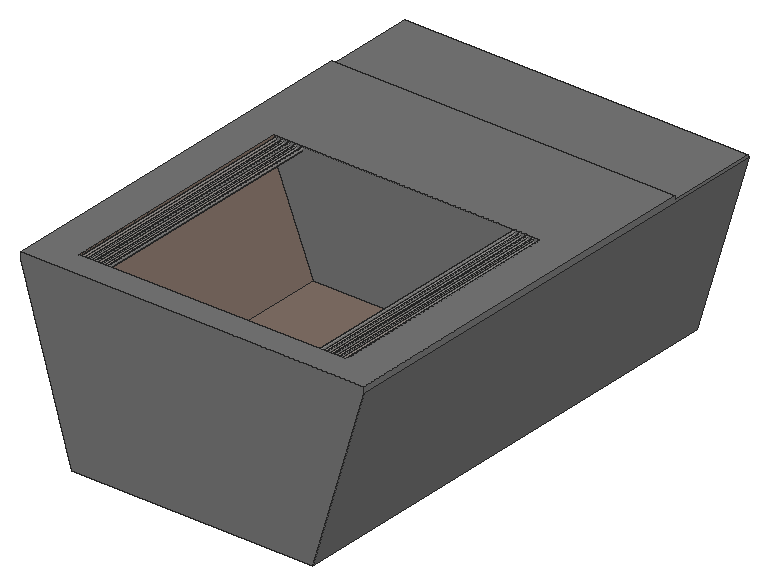
Revit family "Fireplace_Wood_HeatNGlo_Castlewood", category Mechanical Equipment, host Face, Revit 2015
Parameters (values of type "42x38 Viewing Area Gas Burning LP")
  topventrad [instance] = Top Vent Diameter / 2  # 0' - 4"
  Warranty Duration (Years) = 0
  Unit Width = 4' - 4 7/8"
  Unit Weight = 340
  Unit Height = 6' - 2 1/8"
  Unit Depth = 2' - 3 1/2"
  URL = "http://www.heatnglo.com/"
  Test Data = ""
  Standards Conformance = "as Specified"
  Specification = "http://www.arcat.com/sdspecs/htm04/10_31_06hng.htm"
  SpecWizard = ""
  Send Message = "http://www.arcat.com/users.pl?action=UserEmail&amp;company=Heat+and+Glo<sup><small></small></sup>&amp;coid=33011&amp;rep=144&amp;fax=&amp;mf=95"
  Sales Information = "http://www.heatnglo.com/Contact-Us.aspx"
  Safety Screen Material [instance] = Metal - HeatNGlo - Steel Screen
  Revision = "R2_2014-11"
  Recess Into Host [instance] = 2' - 4"
  Rear Wall Finish [instance] = Masonry - HeatNGlo - Brick as Specified
  Product Properties = ""
  Product Data = "http://www.arcat.com/arcatcos/cos33/arc33011.html"
  Opening Width = 3' - 5 7/8"
  Opening Height = 3' - 2"
  Mounting Height [instance] = 1' - 10.76867"
  Model = "Castlewood"
  Manufacturer Website = "http://www.heatnglo.com/"
  Manufacturer Phone - Toll Free = "800-669-HEAT (4328)"
  Manufacturer Phone = ""
  Manufacturer Fax = ""
  Manufacturer Address = "7571 215th St. W.  Lakeville, MN 55044"
  Manufacturer = "Heat & Glo"
  Maintenance Schedule (Months) = 0
  Keynote = "10305"
  Installation-Fabrication = ""
  Installation Phase = ""
  Include Bifold Door [instance] = yes
  Heating Capacity = "as Specified"
  HVAC_BTU Output = 0.0 Btu/h
  HVAC_BTU Input = 0.0 Btu/h
  Green Building-LEED = ""
  Glazing Tint [instance] = Glazing - HeatNGlo - Clear
  Fuel Type = "NG"
  Fuel Consumption = "as Specified"
  Fixture Finish = Metal - HeatNGlo - Metallic Black
  Expected Lifespan (Years) = 0
  Top Vent Diameter [instance] = 0' - 8"
  Efficiency Ratings = "as Specified"
  Drawn By = "Sumex Design, Inc. / Robert S. Weygant, CSI, CDT, SCIP"
  Door Finish [instance] = Metal - HeatNGlo - Bronze
  Description = "Heat & Glo Gas Burning Outdoor Fireplace - Castlewood as Specified"
  Default Elevation = 0' - 0"
  Copyright = "©Arcat Inc."
  Construction Details = "http://www.arcat.com/details/heatnglo/heatnglo.html?coid=33011"
  Building Codes = ""
  Assembly Code = "D3020"
Types (3): name | Fuel Type | Description
  42x38 Viewing Area Gas Burning LP | "NG" | "Heat & Glo Gas Burning Outdoor Fireplace - Castlewood as Specified"
  42x38 Viewing Area Gas Burning NG | "NG" | "Heat & Glo Gas Burning Outdoor Fireplace - Castlewood as Specified"
  42x38 Viewing Area Wood Burning | "Wood" | "Heat & Glo Woodburning Outdoor Fireplace - Castlewood as Specified"
Reference planes (in)
  plane 1 "Opening CL": y = 0
  plane 2: z = 0
  plane 3 "Center (Left/Right)": x = 0
  plane 4: z = -28
  plane 5 "Front": z = -0.5
  plane 6: x = -20.9375
  plane 7: x = 20.9375
  plane 8: y = 23.3125
  plane 9 "FF": y = -41.20617
  plane 10: y = -18.4375
  plane 11: y = -14.6875
Forms (in)
  Extrusion 1, void
    sketch origin (0, 0, 0) x (1, 0, 0) y (0, 1, 0)
      loop
        line (26.4375, 41.5625) -> (-26.4375, 41.5625) -> (-26.4375, -18.4375) -> (26.4375, -18.4375) -> (26.4375, 41.5625)
    from -28 to 5.63952
  Extrusion 2, solid, material "Metal - HeatNGlo - Metallic Black" <- "Fixture Finish"
    sketch origin (-6.5, -18.4375, 48) x (1, 0, 0) y (0, 0, 1)
      loop
        line (-12.0625, -76) -> (25.0625, -76) -> (32.9375, -49.5) -> (32.9375, -48.5) -> (-19.9375, -48.5) -> (-19.9375, -49.5) -> (-12.0625, -76)
    from 0 to -3.875
  Extrusion 3, solid, material "Metal - HeatNGlo - Metallic Black" <- "Fixture Finish"
    sketch origin (0, 0, 0) x (1, 0, 0) y (0, 0, 1)
      loop
        line (-26.4375, -0.5) -> (-26.4375, -1.5) -> (-18.5625, -28) -> (18.5625, -28) -> (26.4375, -1.5) -> (26.4375, -0.5) -> (20.56039, -0.5) -> (20.56039, -3.5) -> (14.5, -18.5) -> (-14.5, -18.5) -> (-20.56039, -3.5) -> (-20.56039, -0.5) -> (-26.4375, -0.5)
    from -23.3125 to 14.6875
  Extrusion 4, solid, material "Metal - HeatNGlo - Metallic Black" <- "Fixture Finish"
    sketch origin (-6.5, -18.4375, 48) x (1, 0, 0) y (0, 0, 1)
      loop
        line (-19.9375, -48.5) -> (-19.9375, -49.5) -> (-12.0625, -76) -> (25.0625, -76) -> (32.9375, -49.5) -> (32.9375, -48.5) -> (-19.9375, -48.5)
    from -41.5 to -60
  Extrusion 5, solid, material "Metal - HeatNGlo - Metallic Black" <- "Fixture Finish"
    sketch origin (-6.5, -18.4375, 48) x (1, 0, 0) y (0, 0, 1)
      loop
        line (32.9375, -49.0625) -> (-19.9375, -49.0625) -> (-19.9375, -49.5) -> (-12.0625, -76) -> (25.0625, -76) -> (32.9375, -49.5) -> (32.9375, -49.0625)
    from -60 to -74.125
  Extrusion 6, solid, material "Metal - HeatNGlo - Steel Screen" <- "Safety Screen Material"
    sketch origin (-21.8749, -14.6875, 48) x (-1, 0, 0) y (0, 0, 1)
      loop
        arc (-1.31451, -49.0625) -> (-1.56451, -48.8125) -> (-1.81451, -49.0625) r 0.25
        arc (-1.81451, -49.0625) -> (-2.06451, -49.3125) -> (-2.31451, -49.0625) r 0.25
        arc (-2.31451, -49.0625) -> (-2.56451, -48.8125) -> (-2.81451, -49.0625) r 0.25
        arc (-2.81451, -49.0625) -> (-3.06451, -49.3125) -> (-3.31451, -49.0625) r 0.25
        arc (-3.31451, -49.0625) -> (-3.56451, -48.8125) -> (-3.81451, -49.0625) r 0.25
        arc (-3.81451, -49.0625) -> (-4.06451, -49.3125) -> (-4.31451, -49.0625) r 0.25
        arc (-4.31451, -49.0625) -> (-4.56451, -48.8125) -> (-4.81451, -49.0625) r 0.25
        arc (-4.81451, -49.0625) -> (-5.06451, -49.3125) -> (-5.31451, -49.0625) r 0.25
        arc (-5.31451, -49.0625) -> (-5.56451, -48.8125) -> (-5.81451, -49.0625) r 0.25
        line (-5.81451, -49.0625) -> (-5.81451, -49.3125) -> (-5.75201, -49.3125) -> (-5.75201, -49.0625)
        arc (-5.75201, -49.0625) -> (-5.56451, -48.875) -> (-5.37701, -49.0625) r 0.1875
        arc (-5.37701, -49.0625) -> (-5.06451, -49.375) -> (-4.75201, -49.0625) r 0.3125
        arc (-4.75201, -49.0625) -> (-4.56451, -48.875) -> (-4.37701, -49.0625) r 0.1875
        arc (-4.37701, -49.0625) -> (-4.06451, -49.375) -> (-3.75201, -49.0625) r 0.3125
        arc (-3.75201, -49.0625) -> (-3.56451, -48.875) -> (-3.37701, -49.0625) r 0.1875
        arc (-3.37701, -49.0625) -> (-3.06451, -49.375) -> (-2.75201, -49.0625) r 0.3125
        arc (-2.75201, -49.0625) -> (-2.56451, -48.875) -> (-2.37701, -49.0625) r 0.1875
        arc (-2.37701, -49.0625) -> (-2.06451, -49.375) -> (-1.75201, -49.0625) r 0.3125
        arc (-1.75201, -49.0625) -> (-1.56451, -48.875) -> (-1.37701, -49.0625) r 0.1875
        line (-1.37701, -49.0625) -> (-1.31451, -49.0625)
      loop
        line (-42.43529, -49.0625) -> (-42.37279, -49.0625)
        arc (-42.37279, -49.0625) -> (-42.18529, -48.875) -> (-41.99779, -49.0625) r 0.1875
        arc (-41.99779, -49.0625) -> (-41.68529, -49.375) -> (-41.37279, -49.0625) r 0.3125
        arc (-41.37279, -49.0625) -> (-41.18529, -48.875) -> (-40.99779, -49.0625) r 0.1875
        arc (-40.99779, -49.0625) -> (-40.68529, -49.375) -> (-40.37279, -49.0625) r 0.3125
        arc (-40.37279, -49.0625) -> (-40.18529, -48.875) -> (-39.99779, -49.0625) r 0.1875
        arc (-39.99779, -49.0625) -> (-39.68529, -49.375) -> (-39.37279, -49.0625) r 0.3125
        arc (-39.37279, -49.0625) -> (-39.18529, -48.875) -> (-38.99779, -49.0625) r 0.1875
        arc (-38.99779, -49.0625) -> (-38.68529, -49.375) -> (-38.37279, -49.0625) r 0.3125
        arc (-38.37279, -49.0625) -> (-38.18529, -48.875) -> (-37.99779, -49.0625) r 0.1875
        line (-37.99779, -49.0625) -> (-37.99779, -49.3125) -> (-37.93529, -49.3125) -> (-37.93529, -49.0625)
        arc (-37.93529, -49.0625) -> (-38.18529, -48.8125) -> (-38.43529, -49.0625) r 0.25
        arc (-38.43529, -49.0625) -> (-38.68529, -49.3125) -> (-38.93529, -49.0625) r 0.25
        arc (-38.93529, -49.0625) -> (-39.18529, -48.8125) -> (-39.43529, -49.0625) r 0.25
        arc (-39.43529, -49.0625) -> (-39.68529, -49.3125) -> (-39.93529, -49.0625) r 0.25
        arc (-39.93529, -49.0625) -> (-40.18529, -48.8125) -> (-40.43529, -49.0625) r 0.25
        arc (-40.43529, -49.0625) -> (-40.68529, -49.3125) -> (-40.93529, -49.0625) r 0.25
        arc (-40.93529, -49.0625) -> (-41.18529, -48.8125) -> (-41.43529, -49.0625) r 0.25
        arc (-41.43529, -49.0625) -> (-41.68529, -49.3125) -> (-41.93529, -49.0625) r 0.25
        arc (-41.93529, -49.0625) -> (-42.18529, -48.8125) -> (-42.43529, -49.0625) r 0.25
    from 0 to 38
  Extrusion 7, solid
    sketch origin (-6.5, -18.4375, 48) x (1, 0, 0) y (0, 0, 1)
      loop
        circle (6.5, -64.875) r 4
    from -74.125 to -68.39136
Cuts and joins
  joined: Extrusion 2, Extrusion 3, Extrusion 4, Extrusion 5
Dimensions and locks (in)
  "Recess Into Host": level to plane 4
  "Unit Depth": plane 5 "Front" to plane 4
  equal spacing: plane 6, plane 3 "Center (Left/Right)", plane 7
  "Opening Width": plane 6 to plane 7
  "Mounting Height": plane 10 to plane 9 "FF"
  locked: plane 10 to plane 11 at 3.75
  "Opening Height": plane 8 to plane 11
  locked: plane 5 "Front" to Extrusion 2 sketch curve at 1  (x2)
  Extrusion 2 sketch curve to plane 3 "Center (Left/Right)" to Extrusion 2 sketch curve = 2' - 2 7/16" locked, 2' - 2 7/16" locked
  Extrusion 2 sketch curve to plane 3 "Center (Left/Right)" to Extrusion 2 sketch curve = 1' - 6 9/16" locked, 1' - 6 9/16" locked
  locked: plane 5 "Front" to Extrusion 3 sketch curve at 18
  locked: plane 5 "Front" to Extrusion 3 sketch curve at 1  (x2)
  locked: plane 5 "Front" to Extrusion 4 sketch curve at 1  (x2)
  Extrusion 4 sketch curve to plane 3 "Center (Left/Right)" to Extrusion 4 sketch curve = 2' - 2 7/16" locked, 2' - 2 7/16" locked
  Extrusion 4 sketch curve to plane 3 "Center (Left/Right)" to Extrusion 4 sketch curve = 1' - 6 9/16" locked, 1' - 6 9/16" locked
  locked: plane 5 "Front" to Extrusion 5 sketch curve at 0.5625
  locked: plane 5 "Front" to Extrusion 5 sketch curve at 1  (x2)
  Extrusion 5 sketch curve to plane 3 "Center (Left/Right)" to Extrusion 5 sketch curve = 2' - 2 7/16" locked, 2' - 2 7/16" locked
  Extrusion 5 sketch curve to plane 3 "Center (Left/Right)" to Extrusion 5 sketch curve = 1' - 6 9/16" locked, 1' - 6 9/16" locked
  Extrusion 3 sketch curve to plane 3 "Center (Left/Right)" to Extrusion 3 sketch curve = 1' - 6 9/16" locked, 1' - 6 9/16" locked
  locked: plane 5 "Front" to Extrusion 3 sketch curve at 3  (x2)
  plane 3 "Center (Left/Right)" to Extrusion 3 sketch curve to Extrusion 3 sketch curve to Extrusion 3 sketch curve = 1' - 2 1/2" locked, 0' - 6.06039" locked, 0' - 5.87711" locked
  Extrusion 3 sketch curve to Extrusion 3 sketch curve to Extrusion 3 sketch curve to plane 3 "Center (Left/Right)" = 0' - 5.87711" locked, 0' - 6.06039" locked, 1' - 2 1/2" locked
  locked: Extrusion 7 sketch curve to plane 4 at 11.125
  locked: plane 10 to Extrusion 1 sketch curve at 60
  aligned and locked: plane 2 to host face
  aligned and locked: level to host face
  aligned: Extrusion 1 to plane 5 "Front"
  aligned and locked: Extrusion 1 to plane 4
  aligned and locked: Extrusion 2 sketch curve to plane 5 "Front"
  aligned and locked: Extrusion 2 sketch curve to plane 4
  aligned: Extrusion 2 to plane 11
  aligned and locked: Extrusion 3 to plane 8
  aligned and locked: Extrusion 3 to plane 11
  aligned and locked: plane 5 "Front" to Extrusion 4 sketch curve
  aligned and locked: Extrusion 4 sketch curve to plane 4
  aligned: Extrusion 4 to plane 8
  aligned and locked: plane 8 to Extrusion 6
  aligned and locked: Extrusion 1 sketch curve to plane 10
Automatic sketch dimensions
  host sketch curve to host sketch curve = 8' - 0"
  host sketch curve to host sketch curve = 10' - 4 9/16"
  Extrusion 3 sketch curve to plane 4 = 0' - 0"
  Extrusion 3 sketch curve to plane 5 "Front" = 0' - 0"  (x2)
  Extrusion 5 sketch curve to plane 4 = 0' - 0"
  Extrusion 6 sketch curve to Extrusion 6 sketch curve = 0' - 0"  (x68)
  Extrusion 6 sketch curve to plane 7 = 0' - 0.37711"
  Extrusion 6 sketch curve to Extrusion 6 sketch curve = 0' - 0 1/16"  (x2)
  Extrusion 6 sketch curve to Extrusion 6 sketch curve = 0' - 0 3/16"  (x10)
  Extrusion 6 sketch curve to Extrusion 6 sketch curve = 0' - 0 1/4"  (x9)
  Extrusion 6 sketch curve to plane 5 "Front" = 0' - 0 9/16"  (x2)
  plane 6 to Extrusion 6 sketch curve = 0' - 4.87711"
  Extrusion 6 sketch curve to plane 5 "Front" = 0' - 0 13/16"
  Extrusion 7 sketch curve to plane 3 "Center (Left/Right)" = 0' - 0"
  Extrusion 1 sketch curve to plane 6 = 0' - 5 1/2"
  plane 7 to Extrusion 1 sketch curve = 0' - 5 1/2"
  radius of Extrusion 7 sketch curve = 0' - 4"
Connectors (in)
  hvac at (0, 55.6875, -16.875), driven by "topventrad"
    settings: on Extrusion 7, index 1, duct flow 0 CFM, flow factor 0, pres drop 0.00 in-wg, loss coef 0, conn angle 0.00°, conn width 12", conn height 12", conn diameter 8", duct sys type 3, conn prof type 0, flow config 0, flow direction 2, loss method 0, conn ref index -1, conn util no, is conn primary yes, conn desc ""
